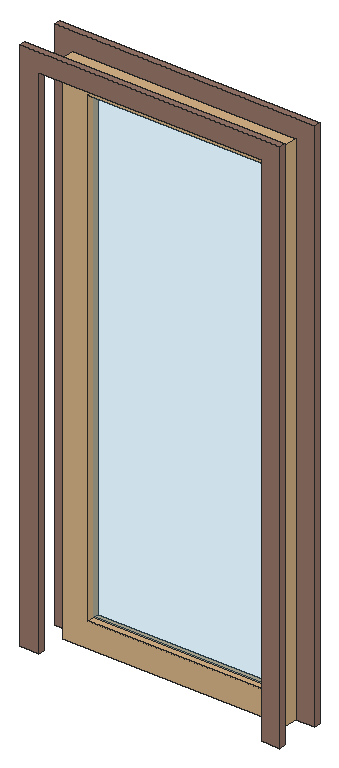
Revit family "Single-Glass 1", category Doors, host Wall, Revit 2016
Family settings
  Host = Wall
  Always vertical = Yes
  Cut with Voids When Loaded = No
  Shared = No
  Room Calculation Point = No
Parameters (values of type "36" x 84"")
  Thickness = 0' - 2"
  Function = Interior
  Assembly Code = "C1020"
  Door Material = Door - Panel
  Frame Material = Door - Frame
  Height = 7' - 0"
  Rail Width - Base = 0' - 4"
  Rail Width - Top = 0' - 4"
  Stile Width - Hinge = 0' - 4"
  Stile Width - Latch = 0' - 4"
  Trim Projection Ext = 0' - 1"
  Trim Projection Int = 0' - 1"
  Trim Width = 0' - 3"
  Wall Closure = By host
  Width = 3' - 0"
  Analytic Construction = "<None>"
Reference planes (in)
  plane 1: y = 0
  plane 2: z = 0
  plane 3: x = 0
  plane 4: x = -18
  plane 5: x = 18
  plane 6: z = 84
  plane 7: y = 2.125
Forms (in)
  Extrusion 1, solid, material "Door - Panel" <- "Door Material"
    sketch origin (0, 0, 0) x (1, 0, 0) y (0, 0, 1)
      loop
        line (-18, 84) -> (-18, 0) -> (18, 0) -> (18, 84) -> (-18, 84)
      loop
        line (14, 80) -> (-14, 80) -> (-14, 4) -> (14, 4) -> (14, 80)
    from -3 to -1
  Extrusion 2, solid, material "Glass"
    sketch origin (0, 0, 0) x (1, 0, 0) y (0, 0, 1)
      loop
        line (14, 80) -> (-14, 80) -> (-14, 4) -> (14, 4) -> (14, 80)
    from -1.875 to -2.125
  Extrusion 3, solid, material "Door - Frame" <- "Frame Material"
    sketch origin (-84.47493, 3, 0) x (-1, 0, 0) y (0, 0, 1)
      loop
        line (-102.47493, 0) -> (-102.47493, 84) -> (-66.47493, 84) -> (-66.47493, 0) -> (-63.47493, 0) -> (-63.47493, 87) -> (-105.47493, 87) -> (-105.47493, 0) -> (-102.47493, 0)
    from 0 to 1
  Extrusion 4, solid, material "Door - Frame" <- "Frame Material"
    sketch origin (-84.47493, -3, 0) x (1, 0, 0) y (0, 0, 1)
      loop
        line (102.47493, 0) -> (105.47493, 0) -> (105.47493, 87) -> (63.47493, 87) -> (63.47493, 0) -> (66.47493, 0) -> (66.47493, 84) -> (102.47493, 84) -> (102.47493, 0)
    from 0 to 1
Lines and regions (in)
  Opening 1
    outline origin (-60, -3, 144) x (0, 0, -1) y (1, 0, 0)
      loop
        line (60, 42) -> (144, 42) -> (144, 78) -> (60, 78) -> (60, 42)
  symbolic lines, style "DoorsPanelProjection"
    curve 1: line (18, 3, 0) -> (16, 3, 0)
    curve 2: line (18, 3, 0) -> (18, 7, 0)
    curve 3: line (18, 39, 0) -> (16, 39, 0)
    curve 4: line (16, 3, 0) -> (16, 7, 0)
    curve 10: line (16, 35, 0) -> (18, 35, 0)
    curve 11: line (16, 7, 0) -> (18, 7, 0)
    curve 13: line (16, 35, 0) -> (16, 39, 0)
    curve 14: line (18, 35, 0) -> (18, 39, 0)
    curve 15: line (16, 7, 0) -> (16, 35, 0)
    curve 16: line (18, 7, 0) -> (18, 35, 0)
  symbolic lines, style "Plan Swing"
    curve 5: arc (18, 39, 0) -> (-7.45584, 28.45584, 0) -> (-18, 3, 0) r 36
  symbolic lines, style "DoorsGlassProjection"
    curve 6: line (14, 0, 80) -> (14, 0, 4)
    curve 7: line (14, 0, 80) -> (-14, 0, 80)
    curve 8: line (-14, 0, 80) -> (-14, 0, 4)
    curve 9: line (14, 0, 4) -> (-14, 0, 4)
    curve 12: line (17, 35, 0) -> (17, 7, 0)
  symbolic lines, style "Elevation Swing"
    curve 17: line (-18, 0, 84) -> (18, 0, 42)
    curve 18: line (-18, 0, 0) -> (18, 0, 42)
Dimensions and locks (in)
  equal spacing: plane 4, plane 3, plane 5
  "Width": plane 4 to plane 5
  host wall to curve 1 = 0' - 0"
  control icon elem to host wall = 1' - 6"
  control icon elem to plane 5 = 1' - 0"
  "Height": plane 6 to plane 2
  "Stile Width - Latch": plane 4 to curve 8
  "Stile Width - Hinge": curve 6 to plane 5
  "Rail Width - Top": plane 6 to curve 7
  "Rail Width - Base": curve 9 to plane 2
  "Stile Width - Latch": curve 10 to curve 3
  "Stile Width - Hinge": curve 1 to curve 11
  "Width": curve 3 to host wall
  "Trim Width": Extrusion 3 sketch curve to Extrusion 1  (x3)
  "Trim Width": plane 4 to Extrusion 4 sketch curve
  "Trim Width": plane 5 to Extrusion 4 sketch curve
  "Trim Width": plane 6 to Extrusion 4 sketch curve
  "Trim Projection Int": Extrusion 4 to Extrusion 4
  locked: host wall to Extrusion 3
  locked: host wall to Extrusion 1
  "Thickness": curve 15 to plane 5
  equal spacing: curve 15, curve 12, plane 5
  "Thickness": Extrusion 1 to host wall
  "Trim Projection Ext": Extrusion 3 to host wall
  locked: host wall to plane 7 at 0.875
  locked: Extrusion 2 to Extrusion 2 at 0.25
  equal spacing: level, curve 18, plane 6
  aligned and locked: curve 7 to Extrusion 1 sketch curve
  aligned and locked: curve 6 to Extrusion 1 sketch curve
  aligned and locked: Extrusion 1 sketch curve to curve 7
  aligned and locked: Extrusion 1 sketch curve to curve 6
  aligned and locked: curve 7 to Extrusion 2 sketch curve
  aligned and locked: curve 6 to Extrusion 2 sketch curve
  aligned and locked: Extrusion 2 sketch curve to curve 7
  aligned and locked: Extrusion 2 sketch curve to curve 6
  aligned and locked: host wall to Extrusion 1  (x3)
  aligned and locked: Extrusion 3 sketch curve to curve 1
  aligned and locked: plane 6 to Extrusion 3 sketch curve
  aligned and locked: Extrusion 3 sketch curve to plane 2
  aligned and locked: plane 2 to Extrusion 3 sketch curve
  aligned and locked: plane 5 to Extrusion 3 sketch curve
  aligned and locked: Extrusion 3 to host wall  (x3)
  aligned and locked: Extrusion 4 sketch curve to curve 1
  aligned and locked: plane 6 to Extrusion 4 sketch curve
  aligned and locked: plane 2 to Extrusion 4 sketch curve  (x2)
  aligned and locked: level to Extrusion 4 sketch curve
  aligned and locked: Extrusion 4 to host wall
  aligned and locked: curve 4 to curve 13
  aligned and locked: plane 5 to curve 16
  aligned and locked: curve 2 to plane 5
  aligned and locked: Extrusion 3 sketch curve to Extrusion 1
  aligned and locked: Extrusion 4 sketch curve to Extrusion 1
  aligned and locked: Extrusion 1 to Extrusion 4 sketch curve
  aligned and locked: Extrusion 2 to plane 7
Automatic sketch dimensions
  Opening 1 sketch curve to plane 6 = 0' - 0"
  Opening 1 sketch curve to level = 0' - 0"
  Opening 1 sketch curve to plane 4 = 0' - 0"
  Opening 1 sketch curve to plane 5 = 0' - 0"
  Extrusion 1 sketch curve to plane 4 = 0' - 0"
  Extrusion 1 sketch curve to plane 5 = 0' - 0"
  Extrusion 1 sketch curve to level = 0' - 0"
  Extrusion 1 sketch curve to plane 6 = 0' - 0"
  Extrusion 4 sketch curve to plane 5 = 0' - 0"
  curve 5 to plane 4 = 0' - 0"
  curve 17 to plane 4 = 0' - 0"
  curve 17 to plane 6 = 0' - 0"
  curve 18 to plane 5 = 0' - 0"
  curve 18 to level = 0' - 0"
  curve 18 to plane 4 = 0' - 0"
